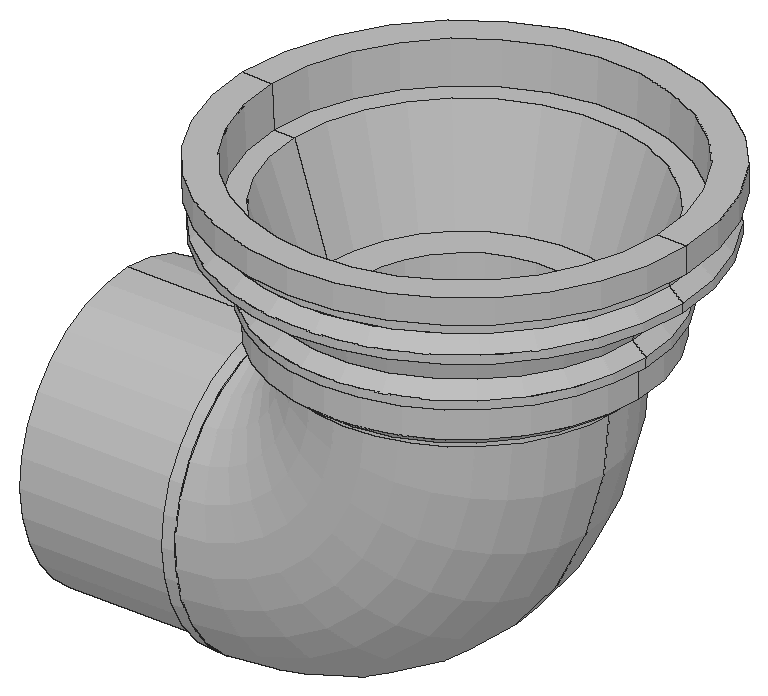
Revit family "482069001(1)", category Generic Models, host Floor, Revit 2019
Family settings
  Host = Floor
  Can host rebar = No
  Always vertical = Yes
  Cut with Voids When Loaded = No
  Shared = Yes
  Room Calculation Point = No
Parameters (values of type "482069001")
  SUPPLIER = "KOERO"
  NT = "Balcony transit and drain wastes"
  NN = "PLUVETTA® 90°"
  NBSYN = "$CNSORDERNO.($LODLEVEL.)"
  NB = "482069001(1)"
  Model = "482069001"
  Manufacturer = "KOERO"
  MIdent = "{$CADENAS_DATA/23d-libs/koero/pluvetta/pluvetta_90.prj},184 {VTYP=3D},{NB=482069001(1)},{LINA=482069001},{NN=PLUVETTA® 90°},{DATE=23.04.2020 08:29:07},{GEOMDATE=22.04.2020 12:28:20},{VERSION=},{LINEID=60},{WBVAR=LODLEVEL},{WBNUMERIC=LODLEVEL}  {NB=482069001(1)},{LINA=482069001},{KT=DUMMY},{CNSORDERNO=482069001},{LODLEVEL=1},{BEZ=Balkonpot Pluvetta® 50-60 mm met 90° bocht van PVC met 70 mm spi-eind, zonder rooster},{D=108},{D1=94},{D2=70},{H=121},{H1=86.0},{INFO=PDF Catalog},{HTML=Product page},{INFOPAGE=pluvetta_90},{INFOPATH=pluvetta_90_nl.pdf},{HTML1=https://debeer-sanitair.nl/maattekeningen/pluvetta/},{H2=42.000},{H3=10.000},{L1=43.250},{ANG=89.000},{L2=39.000},{DISTHELP=39.000},{DISTHELP2=43.250}"
  LODLEVEL = "300"
  LINA = "482069001"
  INFO = "PDF Catalog"
  HTML = "Product page"
  H1 = 86 mm
  H = 121 mm
  Description = "Balcony transit and drain wastes"
  D2 = 70 mm
  D1 = 94 mm
  D = 108 mm
  CREATOR = "CADENAS GmbH"
  CNSORDERNO = "482069001"
  CATALOG = "König & Ronneberger"
  BOMINFO = "LINA"
  BEZ = "Balkonpot Pluvetta® 50-60 mm met 90° bocht van PVC met 70 mm spi-eind, zonder rooster"
  ARTICLENO = "NB"
Reference planes
  plane 1 "Center (Front/Back)": y = 0
  plane 2: z = 0
  plane 3 "Center (Left/Right)": x = 0
Forms (mm)
  Extrusion 1, void
    sketch origin (-81.489, 0, -85.924) x (0.017452, 0, -0.999848) y (0, 1, 0)
      loop
        line (-0.5, -0.5) -> (0.5, -0.5) -> (0.5, 0.5) -> (-0.5, 0.5) -> (-0.5, -0.5)
    from 0 to 1
Dimensions and locks
  aligned and locked: level to plane 2
Nested families
  nested 1: "482069001(1)_content" at (0, 0, 0), type "482069001(1)_Content"
Connectors
  hvac at (0, 0, 0)
    settings: on host floor, index 1, duct flow 0.0 L/s, flow factor 0, pres drop 0.0 Pa, loss coef 0, conn angle 0.00°, conn width 304.8 mm, conn height 304.8 mm, conn diameter 94 mm, duct sys type 29, conn prof type 0, flow config 0, flow direction 1, loss method 0, conn ref index -1, conn util no, is conn primary yes, conn desc ""
  hvac at (-81.489, 0, -85.924)
    settings: on Extrusion 1, index 2, duct flow 0.0 L/s, flow factor 0, pres drop 0.0 Pa, loss coef 0, conn angle 0.00°, conn width 304.8 mm, conn height 304.8 mm, conn diameter 70 mm, duct sys type 29, conn prof type 0, flow config 0, flow direction 2, loss method 0, conn ref index -1, conn util no, is conn primary no, conn desc ""
Definition of nested family "482069001(1)_content"
  Parameters (values of type "482069001(1)_Content")
    SUPPLIER = "KOERO"
    NT = "Balcony transit and drain wastes"
    NN = "PLUVETTA® 90°"
    NBSYN = "$CNSORDERNO.($LODLEVEL.)"
    NB = "482069001(1)"
    Model = "482069001"
    Manufacturer = "KOERO"
    LODLEVEL = "300"
    LINA = "482069001"
    INFO = "PDF Catalog"
    HTML = "Product page"
    H1 = 86 mm
    H = 121 mm
    Description = "Balcony transit and drain wastes"
    Default Elevation = 1219.2 mm
    D2 = 70 mm
    D1 = 94 mm
    D = 108 mm
    CREATOR = "CADENAS GmbH"
    CNSORDERNO = "482069001"
    CATALOG = "König & Ronneberger"
    BOMINFO = "LINA"
    BEZ = "Balkonpot Pluvetta® 50-60 mm met 90° bocht van PVC met 70 mm spi-eind, zonder rooster"
    ARTICLENO = "NB"
  Reference planes
    plane 1 "Center (Front/Back)": y = 0
    plane 2: z = 0
    plane 3 "Center (Left/Right)": x = 0
  Forms (mm)
    Revolve 1, solid, detail levels medium+fine
      sketch origin (0, 0, 0) x (-1, 0, 0) y (0, 0, -1)
        loop
          line (-54, 6) -> (-54, 0) -> (-47, 0) -> (-46.5, 10) -> (-41.5, 10) -> (-33.35, 34.45) -> (-25, 34.45) -> (-23.642, 55) -> (-26.642, 55) -> (-27.633, 40) -> (-39, 40) -> (-42.5, 37.375) -> (-42.5, 30) -> (-44, 30) -> (-44, 28) -> (-41, 25) -> (-44, 16) -> (-53, 15) -> (-53, 13) -> (-50, 10) -> (-50, 6) -> (-54, 6)
        axis (0, 55) -> (0, 0)
      angle from -360 to 0
    Revolve 2, solid, detail levels medium+fine
      sketch origin (0, 0, 0) x (-1, 0, 0) y (0, 0, -1)
        loop
          line (33.25, 42) -> (33.25, 40) -> (37, 40) -> (37, 42) -> (33.25, 42)
        axis (0, 40) -> (0, 42)
      angle from -360 to 0
    Revolve 3, solid, detail levels medium+fine
      sketch origin (0, 0, -42) x (-1, 0, 0) y (0, -1, 0)
        loop
          circle (0, 0) r 35.25
        loop
          circle (0, 0) r 33.25
        axis (43.25, 0) -> (43.25, -1)
      angle from 0 to 89
    Revolve 4, solid, detail levels medium+fine
      sketch origin (0, 0, 0) x (-1, 0, 0) y (0, 0, -1)
        loop
          line (43.045, 53.748) -> (43.11, 49.999) -> (46.11, 50.051) -> (46.079, 51.801) -> (82.074, 52.429) -> (82.039, 54.429) -> (43.045, 53.748)
        axis (42.495, 85.243) -> (81.489, 85.924)
      angle from 0 to 360
    Extrusion 5, solid, detail levels coarse
      sketch origin (-14.037, 0, -120.54) x (1, 0, 0) y (0, 1, 0)
        loop
          line (-68.037, -54) -> (68.037, -54) -> (68.037, 54) -> (-68.037, 54) -> (-68.037, -54)
      from 0 to 120.54
  Dimensions and locks
    aligned and locked: level to plane 2
